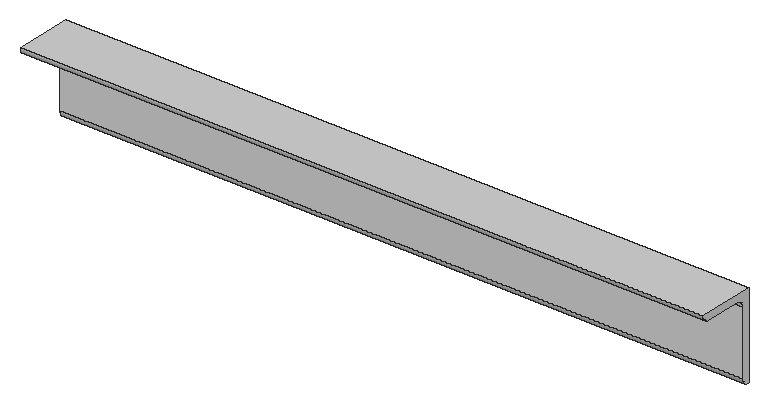
Revit family "e6fd4828ad034cdcb6103516b9a926fe", category Structural Framing, Revit 2021
Family settings
  Structural Framing Length Roundoff = 0' - 0"
  Section Shape = Not Defined
  Material for Model Behavior = Steel
  Always export as geometry = No
  OmniClass Number = 23.25.30.11.14.14
  OmniClass Title = Beams
  Seek Item ID = L-Angle-0000-USA-ENU
  Always vertical = Yes
  Cut with Voids When Loaded = No
  Symbolic Representation = From Project Settings
  Shared = No
  Show family pre-cut in plan views = Yes
Parameters (values of type "L6X4X1/2")
  k = 0' - 1"
  W = 16.2
  Structural Material [instance] = Steel ASTM A36
  Assembly Code = "B10"
  Length [instance] = 5' - 0"
  b = 0' - 4"
  d = 0' - 6"
  t = 0' - 0 1/2"
  x = 0' - 0 251/256"
  y = 0' - 1 251/256"
  A = 4.75 in²
Reference planes (in)
  plane 1 "Center (Front/Back)": y = 0
  plane 2: z = 0
  plane 3 "Center (Left/Right)": x = 0.1815
  plane 4 "Member Left": x = -23.8185
  plane 5 "Member Right": x = 24.1815
  plane 6: y = 0.98047
  plane 7: y = -3.01953
  plane 8 "Top": z = 1.98047
  plane 9: z = -4.01953
  plane 10 "Left": x = -29.8185
  plane 11 "Right": x = 30.1815
Forms (in)
  Sweep 1, solid, material "Steel ASTM A36" <- "Structural Material", detail levels fine
    path origin (0, 0, 0) x (1, 0, 0) y (0, 1, 0)
      loop
        line (24.1815, 0) -> (-23.8185, 0)
    profile "L-Angle-Profile-Fine : L-Angle-Profile-Fine" origin (0.1815, 0, 0) x (0, -1, 0) y (0, 0, 1)
      loop
        arc (-0.98047, -4.01953) -> (-0.62692, -3.87308) -> (-0.48047, -3.51953) r 0.5
        line (-0.48047, -3.51953) -> (-0.48047, 0.98047)
        arc (-0.48047, 0.98047) -> (-0.33402, 1.33402) -> (0.01953, 1.48047) r 0.5
        line (0.01953, 1.48047) -> (2.51953, 1.48047)
        arc (2.51953, 1.48047) -> (2.87308, 1.62692) -> (3.01953, 1.98047) r 0.5
        line (3.01953, 1.98047) -> (-0.98047, 1.98047) -> (-0.98047, -4.01953)
  Sweep 2, solid, material "Steel ASTM A36" <- "Structural Material", detail levels medium
    path origin (0, 0, 0) x (1, 0, 0) y (0, 1, 0)
      loop
        line (24.1815, 0) -> (-23.8185, 0)
    profile "L-Angle-Profile-Medium : L-Angle-Profile-Medium" origin (0.1815, 0, 0) x (0, -1, 0) y (0, 0, 1)
      loop
        line (-0.98047, -4.01953) -> (-0.48047, -4.01953) -> (-0.48047, 1.48047) -> (3.01953, 1.48047) -> (3.01953, 1.98047) -> (-0.98047, 1.98047) -> (-0.98047, -4.01953)
Lines and regions (in)
  symbolic lines, style "Hidden Faces", detail levels medium+fine
    curve 1: line (-23.8185, 0, 1.48047) -> (24.1815, 0, 1.48047)
    curve 4: line (-23.8185, 0.48047, 0) -> (24.1815, 0.48047, 0)
  symbolic lines, style "Stick Symbols", detail levels coarse
    curve 2: line (0.1815, 0.98047, -4.01953) -> (0.1815, 0.98047, 1.98047)
    curve 3: line (0.1815, -3.01953, 1.98047) -> (0.1815, 0.98047, 1.98047)
Dimensions and locks (in)
  "b": plane 6 to plane 7
  "d": plane 9 to plane 8 "Top"
  "x": plane 6 to plane 1 "Center (Front/Back)"
  "y": plane 8 "Top" to plane 2
  "Length": plane 10 "Left" to plane 11 "Right"
  "b": curve 3 to curve 2
  "d": curve 3 to curve 2
  "t": curve 4 to plane 6
  aligned and locked: Sweep 1 sketch curve to plane 1 "Center (Front/Back)"
  aligned and locked: Sweep 2 sketch curve to plane 1 "Center (Front/Back)"
  aligned and locked: plane 4 "Member Left" to Sweep 2 sketch curve
  aligned and locked: plane 5 "Member Right" to Sweep 2 sketch curve
  aligned and locked: plane 4 "Member Left" to Sweep 1 sketch curve
  aligned and locked: plane 5 "Member Right" to Sweep 1 sketch curve
  aligned and locked: plane 4 "Member Left" to curve 4
  aligned and locked: plane 5 "Member Right" to curve 4
  aligned and locked: plane 4 "Member Left" to curve 1
  aligned and locked: plane 5 "Member Right" to curve 1
Automatic sketch dimensions
  plane 8 "Top" to curve 1 = 0' - 0 1/2"
  curve 3 to plane 7 = 0' - 0"
  curve 2 to plane 9 = 0' - 0"
